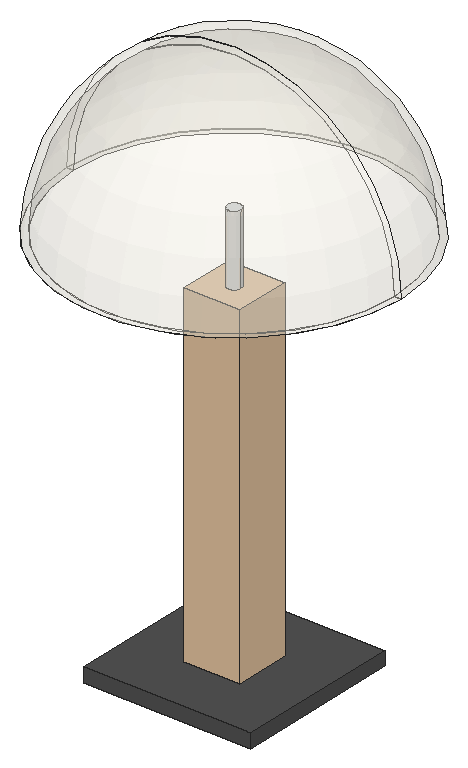
Revit family "4943ee30a4e245f9a157c4cb0305126d", category Lighting Fixtures, Revit 2021
Family settings
  Round Connector Dimension = Use Diameter
  Part Type = Normal
  OmniClass Number = 23.80.70.11.11
  OmniClass Title = General Luminaries, Non Directional
  Seek Item ID = Table Lamp - Hemispheric-0000-USA-ENU
  Work Plane-Based = No
  Always vertical = Yes
  Cut with Voids When Loaded = No
  Light Source = Yes
  Shared = No
  Room Calculation Point = No
Parameters (values of type "60W - 277V")
  Wattage = 60 W
  built-in parameter 1150110 = 1 (stored number, unit not read)
  built-in parameter 1114217 = 1 (stored number, unit not read)
  built-in parameter 1150109 = 1 (stored number, unit not read)
  built-in parameter 1150134 = 4
  built-in parameter 1150113 = 1 (stored number, unit not read)
  Tilt Angle = 90.00°
  Photometric Web File = "TLAE1A19.ies"
  Mount Material = Steel, Chrome Plated
  built-in parameter 1150115 = 1 (stored number, unit not read)
  built-in parameter 1150105 = 68.039 (stored number, unit not read)
  Load Classification = Lighting - Dwelling Unit
  built-in parameter 1150137 = 1
  built-in parameter 1150139 = (empty or 0)
  built-in parameter 1150112 = 1 (stored number, unit not read)
  built-in parameter 1150114 = 1 (stored number, unit not read)
  built-in parameter 1150132 = (empty or 0)
  built-in parameter 1150102 = (empty or 0)
  built-in parameter 1150138 = (empty or 0)
  built-in parameter 1150107 = 2800 (stored number, unit not read)
  built-in parameter 1150106 = 0.68039 (stored number, unit not read)
  built-in parameter 1150104 = 1.3239 (stored number, unit not read)
  Dimming Lamp Color Temperature Shift = <None>
  Default Elevation = 0' - 0"
  Color Filter = 16777215
  Ballast Voltage = 277 V
  Ballast Number of Poles = 1
  built-in parameter 1114218 = 1 (stored number, unit not read)
  built-in parameter 1150133 = 10 (stored number, unit not read)
  Assembly Code = "D5020220"
  Lamp = "A-19"
  Lumens = 855 lm
  Shade Material = Glass, Frosted
  Base Material = Birch
  Wattage Comments = ""
  Apparent Load = 60 VA
Types (5): name | Wattage | Photometric Web File | built-in parameter 1150105 | built-in parameter 1150106 | built-in parameter 1150104 | Ballast Voltage | Lamp | Lumens | Apparent Load
  (no name) | 60 W | "TLAE1A19.ies" | 68.039 (stored number, unit not read) | 0.68039 (stored number, unit not read) | 1.3239 (stored number, unit not read) | 277 V | "A-19" | 855 lm | 60 VA
  60W - 120V | 60 W | "TLAE1A19.ies" | 68.039 (stored number, unit not read) | 0.68039 (stored number, unit not read) | 1.3239 (stored number, unit not read) | 120 V | "A-19" | 855 lm | 60 VA
  60W - 277V | 60 W | "TLAE1A19.ies" | 68.039 (stored number, unit not read) | 0.68039 (stored number, unit not read) | 1.3239 (stored number, unit not read) | 277 V | "A-19" | 855 lm | 60 VA
  100W - 120V | 100 W | "TLAE1A21.ies" | 95.493 (stored number, unit not read) | 0.95493 (stored number, unit not read) | 1.1148 (stored number, unit not read) | 120 V | "R-30" | 1200 lm | 100 VA
  100W - 277V | 100 W | "TLAE1A21.ies" | 95.493 (stored number, unit not read) | 0.95493 (stored number, unit not read) | 1.1148 (stored number, unit not read) | 277 V | "R-30" | 1200 lm | 100 VA
Reference planes (in)
  plane 1 "Light Source Axis": y = 0
  plane 2: z = 0
  plane 3 "Light Source Axis": x = 0
  plane 4 "Light Source Elevation": z = 16.76968
  plane 5: y = 1
  plane 6: y = -1
  plane 7: x = -1
  plane 8: x = 1
  plane 9: z = 22.06921
  plane 10: z = 16.06921
Forms (in)
  Extrusion 1, solid, material "Steel, Chrome Plated" <- "Mount Material"
    sketch origin (0, 0, 0) x (1, 0, 0) y (0, 1, 0)
      loop
        line (-3, 3) -> (-3, -3) -> (3, -3) -> (3, 3) -> (-3, 3)
    from 0.5 to 1
  Revolve 2, solid, material "Steel, Chrome Plated" <- "Mount Material"
    sketch origin (0, 2, 0) x (1, 0, 0) y (0, 0, 1)
      loop
        line (2.125, 0.5) -> (2.125, 0)
        arc (2.125, 0) -> (2.47855, 0.14645) -> (2.625, 0.5) r 0.5
        line (2.625, 0.5) -> (2.125, 0.5)
      axis (2, 0.5) -> (2, 0)
    angle from 0 to 360
  Revolve 3, solid, material "Steel, Chrome Plated" <- "Mount Material"
    sketch origin (0.00096, -2, 0) x (1, 0, 0) y (0, 0, 1)
      loop
        line (2.125, 0.5) -> (2.125, 0)
        arc (2.125, 0) -> (2.47855, 0.14645) -> (2.625, 0.5) r 0.5
        line (2.625, 0.5) -> (2.125, 0.5)
      axis (2, 0.5) -> (2, 0)
    angle from 0 to 360
  Revolve 4, solid, material "Steel, Chrome Plated" <- "Mount Material"
    sketch origin (-4.00327, 2, 0) x (1, 0, 0) y (0, 0, 1)
      loop
        line (2.125, 0.5) -> (2.125, 0)
        arc (2.125, 0) -> (2.47855, 0.14645) -> (2.625, 0.5) r 0.5
        line (2.625, 0.5) -> (2.125, 0.5)
      axis (2, 0.5) -> (2, 0)
    angle from 0 to 360
  Revolve 5, solid, material "Steel, Chrome Plated" <- "Mount Material"
    sketch origin (-4.00231, -2, 0) x (1, 0, 0) y (0, 0, 1)
      loop
        line (2.125, 0.5) -> (2.125, 0)
        arc (2.125, 0) -> (2.47855, 0.14645) -> (2.625, 0.5) r 0.5
        line (2.625, 0.5) -> (2.125, 0.5)
      axis (2, 0.5) -> (2, 0)
    angle from 0 to 360
  Extrusion 6, solid, material "Birch" <- "Base Material"
    sketch origin (0, 0, 1) x (1, 0, 0) y (0, 1, 0)
      loop
        line (-1, -1) -> (1, -1) -> (1, 1) -> (-1, 1) -> (-1, -1)
    from 0 to 12
  Extrusion 7, solid
    sketch origin (0, 0, 13) x (1, 0, 0) y (0, 1, 0)
      loop
        circle (0, 0) r 0.25
    from 0 to 2.5
  Revolve 8, solid, material "Glass, Frosted" <- "Shade Material"
    sketch origin (0, 0, -1.41922) x (1, 0, 0) y (0, 0, 1)
      loop
        line (0, 22.06921) -> (0, 21.81921)
        arc (0, 21.81921) -> (4.06586, 20.13507) -> (5.75, 16.06921) r 5.75
        line (5.75, 16.06921) -> (6, 16.06921)
        arc (6, 16.06921) -> (4.24264, 20.31185) -> (0, 22.06921) r 6
      axis (0, 22.06921) -> (0, 16.06921)
    angle from 0 to 360
Lines and regions (in)
  symbolic lines
    curve 1: line (-3, 3, 0) -> (3, 3, 0)
    curve 2: line (-3, -3, 0) -> (-3, 3, 0)
    curve 3: line (3, -3, 0) -> (-3, -3, 0)
    curve 4: line (3, 3, 0) -> (3, -3, 0)
    curve 5: line (-1, 1, 0) -> (1, 1, 0)
    curve 6: line (-1, -1, 0) -> (-1, 1, 0)
    curve 7: line (1, -1, 0) -> (-1, -1, 0)
    curve 8: line (1, 1, 0) -> (1, -1, 0)
    curve 9: arc (6, 0, 0) -> (0, 6, 0) -> (-6, 0, 0) r 6
    curve 10: arc (-6, 0, 0) -> (0, -6, 0) -> (6, 0, 0) r 6
Dimensions and locks (in)
  aligned and locked: plane 3 "Light Source Axis" to imposter light
  aligned and locked: plane 1 "Light Source Axis" to imposter light
  aligned and locked: plane 4 "Light Source Elevation" to imposter light
Connectors (in)
  electrical at (0, 0, 14.64998), driven by "Apparent Load", driven by "Ballast Voltage", driven by "Ballast Number of Poles", driven by "Load Classification"
    settings: on Revolve 8, index 1, voltage 277 V, apparent load 0 VA, apparent load phase1 60 VA, apparent load phase2 0 VA, apparent load phase3 0 VA, power factor 0.95, load classification "Lighting - Dwelling Unit", number of poles 1, system type 31, power factor state 1, is connector primary yes, connector utility no, sub classification motor no, connector description ""
